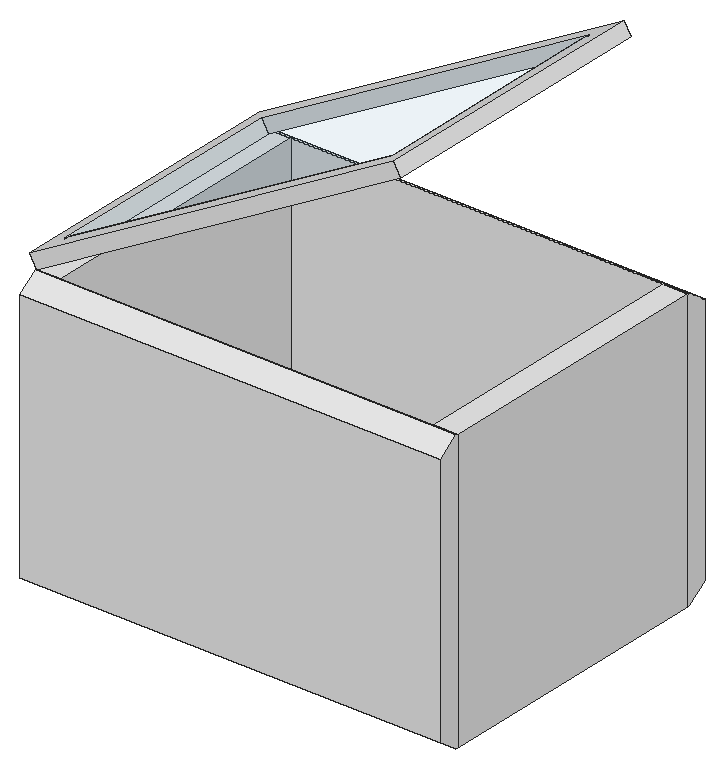
Revit family "Domotics-NetworkCabling-GEWISS-CABINETS_WALL-MOUNTED_19_9U_D400", category Apparecchi elettrici, host Superficie, Revit 2019
Family settings
  Host = Superficie
  Mantenere orientamento annotazione = Sì
  Quota connettore circolare = Usa diametro
  Tipo di parte = Normale
  Taglio con vuoti quando caricato = No
  Condiviso = No
  Punto di calcolo locali = Sì
Parameters (values of type "GW38407 - WALL CABINET 19 9U DEPTH 400MM.")
  simbolo in pianta [instance] = yes
  Visibilità sportello [instance] = yes
  Version file RFA = "21.2"
  URL = "https://www.gewiss.com/ww/en"
  Type of door = "Reversible"
  Technical sheet = "https://www.gewiss.com/ww/en/search?q=GW38407"
  Static load capacity = "50KG"
  SEO = "Board"
  Realized by GEWISS S.p.A. = ""
  Default Elevation = 1219.2 mm
  Produttore = "GEWISS S.p.A."
  Outer dim. LxHxD (mm) = "600x470x400"
  Nome quadro [instance] = "n.quadro"
  No. uprights = "2"
  Modello = "GW38407"
  Material = "Steel"
  Immagine tipo = B.jpg
  IP degree = "IP20"
  IDT = "ea368ef7b3c0440fbd5b55759d12ab1b"
  IDF = "86af9bb8-2e1d-47f8-8fba-1ee325dc55c9"
  Finishing = "Textured"
  Electrocod = "3752"
  Door opening = "180°"
  Distanza_x [instance] = -380.34 mm
  Distanza simbolo [instance] = 0.5 mm
  Distanza effettiva x [instance] = 1000 mm - Distanza_x  # 1380.34 mm
  Descrizione = "WALL CABINET 19 9U DEPTH 400MM."
  Depth (mm) = "400 mm"
  Colour = "Grey (RAL 7035)"
  Category = "19” wall-mount cabinet"
  Catalogue = "DOMOTICS"
  Cabling unity = "9U"
  COBie.Tagnumber = ""
  COBie.CreatedOn = ""
  COBie.CreatebBy = ""
  COBie.ComponentRegisterItemID = ""
  COBie.Component.TagNumber = ""
  COBie.Component.Space = ""
  COBie.Component.SerialNumber = ""
  COBie.Component.InstallationDate = ""
  COBie.Component.Description = ""
  COBie.Component.BarCode = ""
  Apertura [instance] = 30.00°
Reference planes
  plane 1 "Centro (Fronte/Retro)": y = 0
  plane 2: z = 0
  plane 3 "Centro (Sinistra/Destra)": x = 0
  plane 4: x = -1380.34
  plane 5: x = 0
Forms (mm)
  Extrusion 1, solid, detail levels coarse
    sketch origin (0, 0, 0) x (1, 0, 0) y (0, 1, 0)
      loop
        line (0, -4.25) -> (600, -4.25) -> (600, 470) -> (0, 470) -> (0, -4.25)
    from 0 to 400
Dimensions and locks
  plane 4 to plane 3 "Centro (Sinistra/Destra)" = 1380.34 mm
  "Distanza effettiva x": plane 4 to plane 5
  aligned and locked: host face to plane 2
  aligned and locked: host face to level
  aligned and locked: nested 1 to plane 5
  aligned and locked: plane 3 "Centro (Sinistra/Destra)" to nested 2
  aligned and locked: plane 1 "Centro (Fronte/Retro)" to nested 2
  aligned and locked: nested 2 to Extrusion 1 sketch curve
  aligned and locked: Extrusion 1 sketch curve to nested 2  (x3)
  aligned and locked: Extrusion 1 to nested 2
Automatic sketch dimensions
  host sketch curve to host sketch curve = 3398.537 mm
  host sketch curve to host sketch curve = 3619.2 mm
Nested families
  nested 1: "DATACENTERsimbolo" at (0, 911.19, 0), Distanza dal muro <- "Distanza simbolo", SIMBOLO ACCESO <- "simbolo in pianta", visible <- "simbolo in pianta", type "3P"
    with SIMBOLO ACCESO yes, Distanza dal muro 0.5 mm
  nested 2: "QUADRO DA PARETE 19 9U P_400MM_base" at (0, 0, 0), Visibilità sportello <- "Visibilità sportello", type "QUADRO DA PARETE 19 9U P_400MM_base", detail levels medium+fine
Definition of nested family "QUADRO DA PARETE 19 9U P_400MM_base"
  Parameters (values of type "QUADRO DA PARETE 19 9U P_400MM_base")
    s = 30.00°
    d_piano = 0 mm
    Visibilità sportello [instance] = yes
    Vetro = none
    Struttura = none
    Sportlello = none
    Profondità quadro = 400 mm  # constant formula
    Larghezza quadro = 600 mm  # constant formula
    Altezza quadro = 470 mm  # constant formula
  Reference planes
    plane 1 "Centro (Fronte/Retro)": y = 0
    plane 2: z = 0
    plane 3 "Centro (Sinistra/Destra)": x = 0
    plane 4: z = 0
    plane 5: z = 26
    plane 6: z = 376
    plane 7: z = 400
    plane 8 "posizione": y = 30
    plane 9: y = 440
    plane 10 "a": y = 470
    plane 11: x = 600
    plane 12: x = 34
    plane 13: x = 566
    plane 14: y = -4.25
    plane 15: y = 474
    plane 16: z = 375.1
    plane 17: z = 345.6
    plane 18: x = 69.137
    plane 19: z = 57.064
    plane 20: z = 555.625
  Forms (mm)
    Extrusion 1, solid, material <- "Struttura"
      sketch origin (0, 0, 0) x (0, 1, 0) y (0, 0, 1)
        loop
          line (30, 400) -> (30, 0) -> (440, 0) -> (440, 400) -> (30, 400)
      from 0 to 34
    Extrusion 2, solid, material <- "Struttura"
      sketch origin (612, 0, 0) x (0, 1, 0) y (0, 0, -1)
        loop
          line (30, -400) -> (440, -400) -> (440, 0) -> (30, 0) -> (30, -400)
      from 12 to 46
    Extrusion 3, solid, material <- "Struttura"
      sketch origin (0, 0, 0) x (0, 1, 0) y (0, 0, 1)
        loop
          line (30, 0) -> (30, 400) -> (27.558, 400) -> (0, 380.704) -> (0, 19.296) -> (27.558, 0) -> (30, 0)
        loop
          line (440, 0) -> (442.442, 0) -> (470, 19.296) -> (470, 380.704) -> (442.442, 400) -> (440, 400) -> (440, 0)
      from 0 to 600
    Extrusion 4, solid, material <- "Struttura"
      sketch origin (0, 0, 0) x (1, 0, 0) y (0, 1, 0)
        loop
          line (34, 440) -> (34, 30) -> (566, 30) -> (566, 440) -> (34, 440)
      from 0 to 26
    Extrusion 5, solid, material <- "Sportlello", visible <- "Visibilità sportello"
      sketch origin (731.334, 0, 822.236) x (-0.866025, 0, -0.5) y (0, -1, 0)
        loop
          line (844.471, -30) -> (244.471, -30) -> (244.471, -440) -> (844.471, -440) -> (844.471, -30)
        loop
          line (274.471, -410) -> (814.471, -410) -> (814.471, -60) -> (274.471, -60) -> (274.471, -410)
      from 0 to 20
    Extrusion 6, solid, material <- "Vetro", visible <- "Visibilità sportello"
      sketch origin (731.334, 0, 822.236) x (-0.866025, 0, -0.5) y (0, -1, 0)
        loop
          line (814.471, -60) -> (274.471, -60) -> (274.471, -410) -> (814.471, -410) -> (814.471, -60)
      from 0 to 20
  Lines and regions (mm)
    reference lines
      curve 1: line (731.334, 0, 822.236) -> (0, 0, 400)
    model lines
      curve 2: line (509.49, 470, 309.807) -> (389.49, 470, 309.807)
      curve 3: line (509.49, 470, 359.807) -> (509.49, 470, 309.807)
      curve 4: line (389.49, 470, 359.807) -> (509.49, 470, 359.807)
      curve 5: line (389.49, 470, 309.807) -> (389.49, 470, 359.807)
      curve 6: line (209.49, 470, 309.807) -> (89.49, 470, 309.807)
      curve 7: line (209.49, 470, 359.807) -> (209.49, 470, 309.807)
      curve 8: line (89.49, 470, 359.807) -> (209.49, 470, 359.807)
      curve 9: line (89.49, 470, 309.807) -> (89.49, 470, 359.807)
      curve 10: circle (299.491, 470, 189.663) r 57.217 normal (0, -1, 0)
  Dimensions and locks
    locked: plane 5 to plane 4 at 26
    locked: plane 7 to plane 6 at 24
    "Profondità quadro": plane 7 to plane 4
    "d_piano": plane 4 to plane 2
    locked: plane 1 "Centro (Fronte/Retro)" to plane 8 "posizione" at 30
    locked: plane 9 to plane 10 "a" at 30
    "Altezza quadro": plane 1 "Centro (Fronte/Retro)" to plane 10 "a"
    "Larghezza quadro": plane 3 "Centro (Sinistra/Destra)" to plane 11
    locked: plane 3 "Centro (Sinistra/Destra)" to plane 12 at 34
    locked: plane 13 to plane 11 at 34
    plane 9 to Extrusion 2 = 410 mm
    locked: plane 14 to plane 1 "Centro (Fronte/Retro)" at 4.25
    locked: plane 10 "a" to plane 15 at 4
    locked: plane 17 to plane 16 at 29.5
    locked: plane 16 to plane 7 at 24.9
    locked: plane 19 to plane 5 at 31.064
    plane 3 "Centro (Sinistra/Destra)" to Extrusion 4 = 566 mm
    locked: Extrusion 5 sketch curve to curve 1 at 30
    "Larghezza quadro": Extrusion 5 sketch curve to Extrusion 5 sketch curve
    locked: Extrusion 5 sketch curve to Extrusion 5 sketch curve at 30  (x4)
    "s": angle plane 7 to curve 1
    aligned and locked: Extrusion 1 sketch curve to plane 7
    aligned and locked: Extrusion 1 sketch curve to plane 4
    aligned and locked: Extrusion 1 sketch curve to plane 8 "posizione"
    aligned and locked: Extrusion 1 sketch curve to plane 9
    aligned and locked: Extrusion 1 to plane 3 "Centro (Sinistra/Destra)"
    aligned and locked: plane 12 to Extrusion 1
    aligned and locked: plane 13 to Extrusion 2
    aligned and locked: Extrusion 2 to plane 11
    aligned and locked: Extrusion 2 to plane 4
    aligned and locked: plane 7 to Extrusion 2
    aligned and locked: Extrusion 3 sketch curve to plane 8 "posizione"
    aligned and locked: Extrusion 3 sketch curve to plane 7
    aligned and locked: Extrusion 3 sketch curve to plane 1 "Centro (Fronte/Retro)"
    aligned and locked: Extrusion 3 sketch curve to plane 10 "a"
    aligned and locked: Extrusion 3 sketch curve to plane 9
    aligned and locked: plane 7 to Extrusion 3 sketch curve
    aligned and locked: Extrusion 3 sketch curve to plane 4
    aligned and locked: Extrusion 3 to plane 3 "Centro (Sinistra/Destra)"
    aligned and locked: Extrusion 3 to plane 11
    aligned and locked: Extrusion 4 sketch curve to plane 12
    aligned and locked: Extrusion 4 sketch curve to plane 9
    aligned and locked: Extrusion 4 sketch curve to plane 8 "posizione"
    aligned and locked: Extrusion 4 sketch curve to plane 13
    aligned and locked: plane 5 to Extrusion 4
    aligned and locked: Extrusion 4 to plane 4
    aligned and locked: curve 1 to Extrusion 3
    aligned and locked: Extrusion 6 sketch curve to Extrusion 5  (x3)
    aligned and locked: Extrusion 5 sketch curve to Extrusion 3
  Automatic sketch dimensions
    plane 7 to Extrusion 2 sketch curve = 0 mm
    Extrusion 2 sketch curve to plane 8 "posizione" = 0 mm
    Extrusion 2 sketch curve to plane 4 = 0 mm
    Extrusion 2 sketch curve to plane 9 = 0 mm
    plane 8 "posizione" to Extrusion 3 sketch curve = 2.442 mm  (x2)
    Extrusion 3 sketch curve to plane 9 = 2.442 mm  (x2)
    Extrusion 3 sketch curve to plane 5 = 6.704 mm  (x2)
    plane 6 to Extrusion 3 sketch curve = 4.704 mm  (x2)
    Extrusion 3 sketch curve to plane 4 = 0 mm
    Extrusion 6 sketch curve to curve 1 = 30 mm
    curve 7 to plane 17 = 14.206 mm
    curve 3 to plane 17 = 14.206 mm
    plane 17 to curve 6 = 35.794 mm
    plane 17 to curve 2 = 35.794 mm
    curve 10 to plane 19 = 132.6 mm
    curve 6 to plane 18 = 20.353 mm
    curve 6 to curve 6 = 120 mm
    curve 6 to curve 10 = 90 mm
    curve 10 to curve 2 = 90 mm
    plane 13 to curve 3 = 56.51 mm
    curve 1 to plane 3 "Centro (Sinistra/Destra)" = 0 mm
    curve 1 to plane 7 = 0 mm
    Extrusion 5 sketch curve to curve 1 = 0 mm
    radius of curve 10 = 57.217 mm
Definition of nested family "DATACENTERsimbolo"
  Parameters (values of type "3P")
    SIMBOLO ACCESO [instance] = yes
    Distanza dal muro [instance] = 0 mm
  Reference planes
    plane 1: y = 0
    plane 2: x = 0
  Dimensions and locks
    "Distanza dal muro": plane 1 to nested 1
    aligned and locked: plane 2 to nested 1
  Nested families
    nested 1: "DATACENTERsimbolo.base" at (0, 0, 0), type "3P"
      with CORNICE SIMBOLO yes
  Definition of nested family "DATACENTERsimbolo.base"
    Parameters (values of type "3P")
      Testo = ""
      CORNICE SIMBOLO [instance] = yes
      3P = yes
    Reference planes
      plane 1: y = 0
      plane 2: x = 0
    Lines and regions (mm)
      detail lines
        curve 1: line (6.852, 3.426, 0) -> (8.859, 3.426, 0)
        curve 2: line (8.859, 3.426, 0) -> (8.859, 0, 0)
        curve 3: line (8.859, 0, 0) -> (6.852, 0, 0)
        curve 4: line (6.852, 0, 0) -> (0, 3.426, 0)
        curve 5: line (0, 3.426, 0) -> (3.027, 3.426, 0)
        curve 6: line (3.027, 3.426, 0) -> (6.852, 3.426, 0)
        curve 7: line (6.852, 3.426, 0) -> (6.852, 0, 0)
        curve 8: line (6.852, 0, 0) -> (0, 0, 0)
        curve 9: line (0, 0, 0) -> (0, 3.426, 0)
        curve 10: line (7.856, 1.713, 0) -> (7.856, 2.67, 0)
        curve 11: line (8.526, 0.756, 0) -> (8.526, 1.713, 0)
        curve 12: line (8.526, 1.713, 0) -> (7.185, 1.713, 0)
        curve 13: line (7.185, 1.713, 0) -> (7.185, 0.756, 0)
    Text (mm)
      label "RJ" at (7.87, 1.29, 0), shows "Testo"
    Nested families
      nested 1: "testo_simb" at (7.89, 1.134, 0), type "3P"
        with SIMBOLO ACCESO yes, Distanza dal muro 0 mm
      nested 2: "testo_simb" at (7.855, 0, 0), type "3P"
        with SIMBOLO ACCESO yes, Distanza dal muro 0 mm
      nested 3: "testo_simb" at (7.855, 0, 0), type "3P"
        with SIMBOLO ACCESO yes, Distanza dal muro 0 mm
      nested 4: "testo_simb" at (7.855, 0, 0), type "3P"
        with SIMBOLO ACCESO yes, Distanza dal muro 0 mm
      nested 5: "testo_simb" at (7.855, 0, 0), type "3P"
        with SIMBOLO ACCESO yes, Distanza dal muro 0 mm
    Definition of nested family "testo_simb"
      Parameters (values of type "3P")
        testo simb = ""
        SIMBOLO ACCESO [instance] = yes
        Distanza dal muro [instance] = 0 mm
      Reference planes
        plane 1: y = 0
        plane 2: x = 0
      Text (mm)
        label "RJ" at (0.02, 0.123, 0), shows "testo simb"
